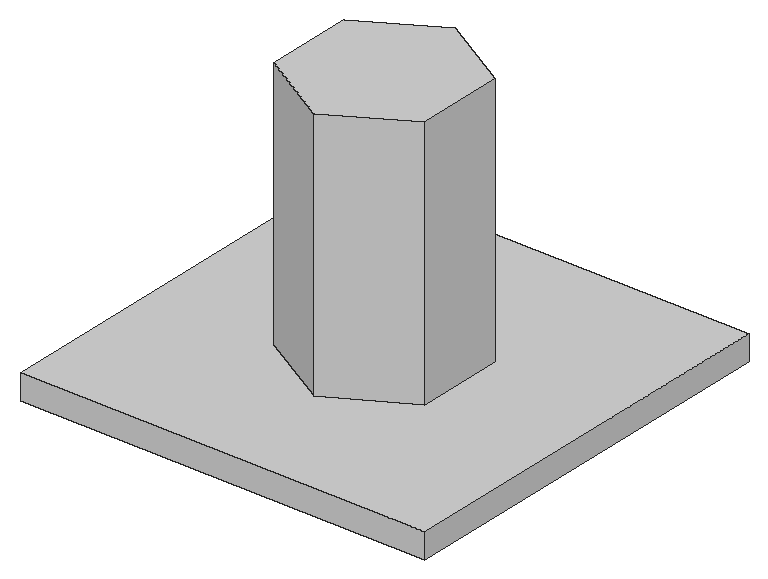
Revit family "MF_BULKHEAD NUT 15_1904210", category Modelos genéricos, Revit 2018
Family settings
  Puede alojar armadura = No
  Cota de conector redondo = Diámetro de uso
  Tipo de pieza = Normal
  Número OmniClass = 35.51.14.00
  Título OmniClass = FORMWORK
  Se basa en plano de trabajo = Sí
  Siempre vertical = No
  Corte con vacíos al cargar = No
  Compartido = Sí
  Punto de cálculo de habitación = No
Parameters
  VERSION = "20170217"  # constant formula
  URL = "www.ulmaconstruction.com/en"
  UNICLASS = ""
  Fabricante = "ULMA CONSTRUCTION"  # constant formula
  ITEM_CODE = "1904210"
  FILTER [instance] = ""
  Default Elevation = 0.000 mm
  CLASSIFICATION_TITLE = ""
  CLASSIFICATION_NUMBER = ""
Reference planes
  plane 1 "Centro (Frontal/Posterior)": y = 0
  plane 2: z = 0
  plane 3 "Centro (Izquierda/Derecha)": x = 0
Forms (mm)
  Extrusion 1, solid, material "ULMA ZINC"
    sketch origin (0, 0, 0) x (1, 0, 0) y (0, 0, 1)
      loop
        line (-40, 5) -> (-40, 0) -> (40, 0) -> (40, 5) -> (-40, 5)
    from -40 to 40
  Extrusion 2, solid, material "ULMA ZINC"
    sketch origin (0, 0, 0) x (1, 0, 0) y (0, 1, 0)
      loop
        line (-15, 8.66) -> (-15, -8.66) -> (0, -17.321) -> (15, -8.66) -> (15, 8.66) -> (0, 17.321) -> (-15, 8.66)
    from 5 to 55
Lines and regions (mm)
  model lines, style "ULMA CLAMPS", detail levels fine
    curve 1: circle (0, 0, 0) r 10.5 normal (0, 0, 1)
    curve 2: circle (0, 0, 55) r 9.65 normal (0, 0, 1)
Dimensions and locks
  aligned and locked: level to plane 2
